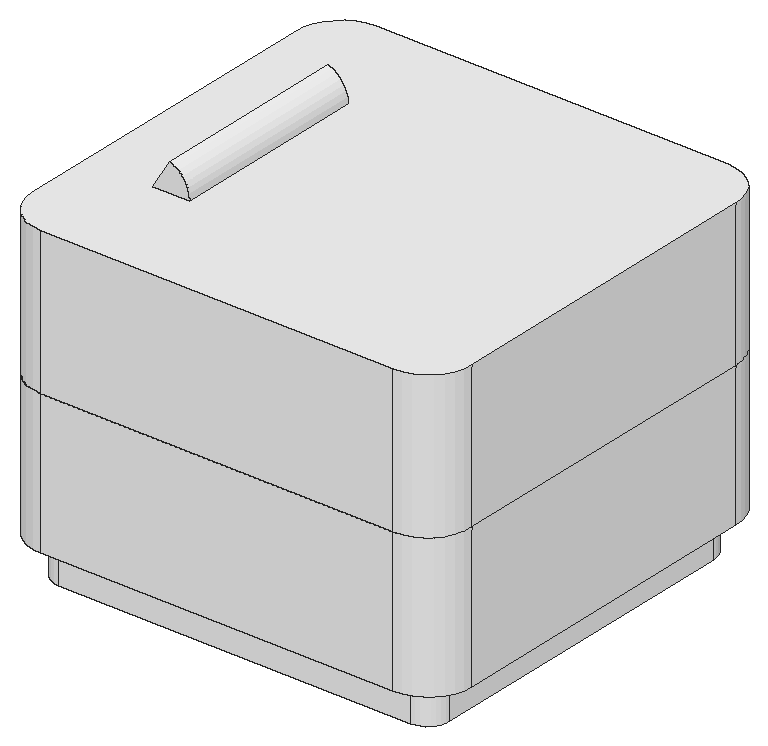
Revit family "048530", category Electrical Fixtures, host Face, Revit 2017
Family settings
  Host = Face
  Maintain Annotation Orientation = Yes
  Round Connector Dimension = Use Diameter
  Part Type = Normal
  Cut with Voids When Loaded = No
  Shared = No
  Room Calculation Point = No
Parameters (values of type "Sock. earth pin HC + SH WP surface-mounted grey")
  URL = "http://katalog.gira.de/en/datenblatt.html?artikelnr=048530"
  Transparent = "No"
  Number of active Pins (round) = "1"
  Name = "Sock. earth pin HC + SH WP surface-mounted grey"
  Model = "Other"
  Manufacturer URL = "https://www.gira.de/"
  Manufacturer = "Gira"
  Keynote = ""
  HeinzeBIM = "https://bimportal.heinze.de/bim/sock-earth-pin-hc-sh-wp-surface-mounted-grey/458de96fe7b0292eb51f7aa82a1766005b15b62c"
  HAN = "048530"
  GTIN = "4010337485308"
  Description = "Sock.pin HC SH WP SM GY,Socket outlet with earth pin 16 A 250 V~ with hinged cover, integrated increased contact protection (shutter) and symbol ,,grey,Features:,- With screw terminals.,,Notes :,- Approved in compliance with NF C 61-314 (2003).,- Increased contact protection pursuant to DIN-VDE 0620-1."
  Default Elevation = 1219.2 mm
  Data sheet (1) = "https://katalog.gira.de/en/download.html?artikelnr=048530"
  Category = "Socket outlet"
  BIM (1) = "https://media.stage.bim.site/public/gira/36a6b08/IP44_Komplettgerät_Steckdose.rfa?public/gira/36a6b08/IP44_Komplettgerät_Steckdose.rfa"
  Available = "No"
Reference planes
  plane 1 "Center (Front/Back)": y = 0
  plane 2: z = 0
  plane 3 "Center (Left/Right)": x = 0
Forms (mm)
  Extrusion 1, solid, material "White", detail levels fine
    sketch origin (41, 0, 0) x (1, 0, 0) y (0, 1, 0)
      loop
        line (-9, 38) -> (-73, 38)
        arc (-73, 38) -> (-78.657, 35.657) -> (-81, 30) r 8
        line (-81, 30) -> (-81, -30)
        arc (-81, -30) -> (-78.657, -35.657) -> (-73, -38) r 8
        line (-73, -38) -> (-9, -38)
        arc (-9, -38) -> (-3.343, -35.657) -> (-1, -30) r 8
        line (-1, -30) -> (-1, 30)
        arc (-1, 30) -> (-3.343, 35.657) -> (-9, 38) r 8
    from 0 to 26
  Extrusion 2, solid, material "White", detail levels fine
    sketch origin (41, 0, 0) x (1, 0, 0) y (0, 1, 0)
      loop
        line (-9, 38) -> (-73, 38)
        arc (-73, 38) -> (-78.657, 35.657) -> (-81, 30) r 8
        line (-81, 30) -> (-81, -30)
        arc (-81, -30) -> (-78.657, -35.657) -> (-73, -38) r 8
        line (-73, -38) -> (-9, -38)
        arc (-9, -38) -> (-3.343, -35.657) -> (-1, -30) r 8
        line (-1, -30) -> (-1, 30)
        arc (-1, 30) -> (-3.343, 35.657) -> (-9, 38) r 8
    from 26 to 52.5
  Extrusion 3, solid, material "White", detail levels fine
    sketch origin (41, 0, 0) x (1, 0, 0) y (0, 0, 1)
      loop
        line (-68.7, 52.5) -> (-62.067, 52.5)
        arc (-62.067, 52.5) -> (-63.019, 55.628) -> (-65.7, 57.5) r 5
        line (-65.7, 57.5) -> (-68.7, 52.5)
    from 18 to -18
  Extrusion 4, solid, material "White", detail levels medium
    sketch origin (41, -5.734, 0) x (1, 0, 0) y (0, 1, 0)
      loop
        line (-9, 43.734) -> (-73, 43.734)
        arc (-73, 43.734) -> (-78.657, 41.391) -> (-81, 35.734) r 8
        line (-81, 35.734) -> (-81, -24.266)
        arc (-81, -24.266) -> (-78.657, -29.923) -> (-73, -32.266) r 8
        line (-73, -32.266) -> (-9, -32.266)
        arc (-9, -32.266) -> (-3.343, -29.923) -> (-1, -24.266) r 8
        line (-1, -24.266) -> (-1, 35.734)
        arc (-1, 35.734) -> (-3.343, 41.391) -> (-9, 43.734) r 8
    from 0 to 52.5
  Extrusion 5, solid, material "White", detail levels medium
    sketch origin (41, 0, 0) x (1, 0, 0) y (0, 0, 1)
      loop
        line (-68.7, 57.5) -> (-68.7, 52.5) -> (-62.067, 52.5) -> (-62.067, 57.5) -> (-68.7, 57.5)
    from -18 to 18
  Extrusion 6, solid, material "White", detail levels coarse
    sketch origin (41, 0, 0) x (1, 0, 0) y (0, 1, 0)
      loop
        line (-1, 38) -> (-81, 38) -> (-81, -38) -> (-1, -38) -> (-1, 38)
    from -7 to 57.5
  Extrusion 7, solid, material "White", detail levels medium+fine
    sketch origin (41, 0, 0) x (1, 0, 0) y (0, 1, 0)
      loop
        line (-9, 34) -> (-73, 34)
        arc (-73, 34) -> (-75.828, 32.828) -> (-77, 30) r 4
        line (-77, 30) -> (-77, -30)
        arc (-77, -30) -> (-75.828, -32.828) -> (-73, -34) r 4
        line (-73, -34) -> (-9, -34)
        arc (-9, -34) -> (-6.172, -32.828) -> (-5, -30) r 4
        line (-5, -30) -> (-5, 30)
        arc (-5, 30) -> (-6.172, 32.828) -> (-9, 34) r 4
    from 0 to -7
Dimensions and locks
  Extrusion 6 to plane 3 "Center (Left/Right)" to Extrusion 6 = 40 mm, 40 mm
  aligned and locked: plane 2 to host face
  aligned and locked: level to host face
  aligned and locked: plane 3 "Center (Left/Right)" to nested 1
  aligned and locked: plane 1 "Center (Front/Back)" to nested 1
Nested families
  nested 1: "Steckdose 1-fach Beschriftung" at (0, 0, 0), type "Steckdose 1-fach Beschriftung"
Connectors
  electrical at (0, 0, -7)
    settings: on Extrusion 7, index 1, voltage 220 V, apparent load 0 VA, apparent load phase1 0 VA, apparent load phase2 0 VA, apparent load phase3 0 VA, power factor 1, load classification "Other", number of poles 1, system type 31, power factor state 1, is connector primary yes, connector utility no, sub classification motor no, connector description ""
Definition of nested family "Steckdose 1-fach Beschriftung"
  Reference planes
    plane 1: y = 0
    plane 2: x = 0
  Lines and regions (mm)
    detail lines
      curve 1: line (0, 0, 0) -> (0, 2, 0)
      curve 3: line (0, 2, 0) -> (-1, 2, 0)
      curve 4: arc (1, 3, 0) -> (0, 2, 0) -> (-1, 3, 0) r 1
      curve 5: line (0, 2, 0) -> (1, 2, 0)
    reference lines
      curve 2: line (-0.485, 3, 0) -> (2.315, 3, 0)
  Dimensions and locks
    curve 1 to curve 1 = 2 mm
    plane 1 to curve 2 = 3 mm
    curve 3 to curve 3 = 1 mm
